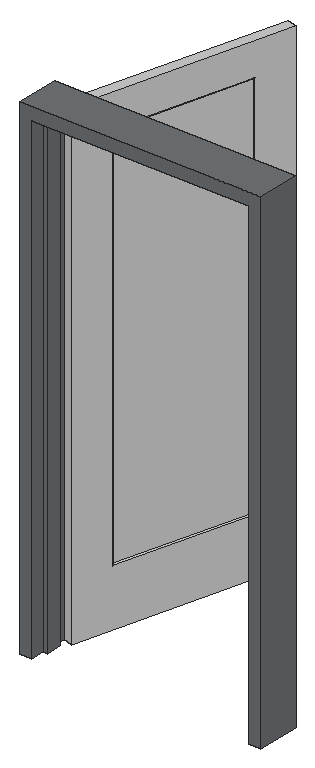
Revit family "Taylor_Entrance_1_Panel_Flat_Shaker", category Doors, host Wall, Revit 2026
Family settings
  Host = Wall
  Classification Number = 23.30.10.00
  Always vertical = Yes
  Cut with Voids When Loaded = No
  Shared = No
  Room Calculation Point = No
Parameters (values of type "36" x 84"")
  Wall depth [instance] = 0' - 6"
  URL = ""
  Thickness = 0' - 1 3/4"
  Swing Visible [instance] = Swing Angle > 1.00°  # yes
  Swing Angle [instance] = 75.00°
  Swing Actual [instance] = if(Swing Angle < 1.00°, 1.00°, Swing Angle)  # 75.00°
  Specification = "https://charrette.arcat.com/company/taylor-entrance-systems-inc-50999/spec"
  SpecWizard = ""
  Sales Information = "http://www.taylordoor.com/Content/Contact_Us.cfm"
  Rough Width = Width + 0' 4"  # 3' - 4"
  Rough Height = Height + 0' 2"  # 6' - 10"
  Product Data = ""
  Model = "1 Panel Flat (Shaker)"
  Masonry Wall [instance] = not(Gypboard Wall)  # no
  Manufacturer Website = "http://www.taylordoor.com/"
  Manufacturer Phone - Toll Free = "800-248-3600"
  Manufacturer Phone = ""
  Manufacturer Fax = "800-252-5468"
  Manufacturer Email = ""
  Manufacturer Address = "631 N. First St., West Branch, MI 48661"
  Manufacturer = "Taylor Entrance Systems"
  Installation-Fabrication = ""
  Gypboard Wall [instance] = yes
  Green Building-LEED = ""
  Function = Interior
  Height = 6' - 8"
  Wall Closure = By host
  Width = 3' - 0"
  Fire Rating = ""
  Door Panel = Door Slab - 1 Panel Shaker : Door Slab - 1 Panel Shaker
  Door Frame Finish = Material - Door - Frame
  Door Finish = Door Finish - Grey Paintable Primer
  Description = "1 panel flat (shaker) embossment option for steel doors"
  Analytic Construction = "<None>"
Types (2): name | Door Panel | Description
  36" x 84" ADA | Door Slab - 1 Panel Shaker_ADA : Door Slab - 1 Panel Shaker_ADA | "1 panel flat (shaker) ADA embossment option for steel doors"
  36" x 84" | Door Slab - 1 Panel Shaker : Door Slab - 1 Panel Shaker | "1 panel flat (shaker) embossment option for steel doors"
Reference planes (in)
  plane 1 "Center (Front/Back)": y = 0
  plane 2 "Center (Left/Right)": x = 0
  plane 3 "Left": x = -18
  plane 4 "Right": x = 18
  plane 5 "Top": z = 80
  plane 6 "Exterior": y = 3
  plane 7 "Interior": y = -3
  plane 8: x = -20
  plane 9: x = 20
  plane 10: z = 82
  plane 11: x = -17
  plane 12: x = 17
  plane 13: z = 1
  plane 14: z = 7
Forms (in)
  Sweep 1, solid, material "Material - Door - Frame" <- "Door Frame Finish", visible <- "Gypboard Wall"
    path origin (0, -3, 0) x (1, 0, 0) y (0, 0, 1)
      loop
        line (-18, 0) -> (-18, 80) -> (18, 80) -> (18, 0)
    profile origin (-18, -3, 40) x (-1, 0, 0) y (0, -1, 0)
      loop
        line (2, -6.55) -> (2, 0.55) -> (0, 0.55) -> (0, -1.75) -> (-0.75, -1.75) -> (-0.75, -4.25) -> (0, -4.25) -> (0, -6.55) -> (2, -6.55)
  Sweep 2, solid, material "Material - Door - Frame" <- "Door Frame Finish", visible <- "Masonry Wall"
    path origin (0, -3, 0) x (1, 0, 0) y (0, 0, 1)
      loop
        line (-18, 0) -> (-18, 80) -> (18, 80) -> (18, 0)
    profile origin (-18, -3, 40) x (-1, 0, 0) y (0, -1, 0)
      loop
        line (2, 0) -> (0, 0) -> (0, -1.75) -> (-0.75, -1.75) -> (-0.75, -4.625) -> (0, -4.625) -> (0, -6) -> (2, -6) -> (2, 0)
Lines and regions (in)
  Opening 1
    outline origin (-90, -3, 0) x (1, 0, 0) y (0, 0, 1)
      loop
        line (70, 0) -> (110, 0) -> (110, 82) -> (70, 82) -> (70, 0)
  symbolic lines, style "Elevation Swing"
    curve 1: line (18, 3, 0) -> (-18, 3, 40)
    curve 2: line (-18, 3, 40) -> (18, 3, 80)
  reference lines
    curve 3: line (-18, 3, 0) -> (-8.68251, 37.77333, 0)
  symbolic lines, style "DoorsFrameMullionProjection", visible <- "Gypboard Wall"
    curve 4: line (-20, -18.38231, 0) -> (-18, -18.38231, 0)
    curve 5: line (-20, -3.55, 0) -> (-20, -18.38231, 0)
    curve 6: line (-18, -3.55, 0) -> (-20, -3.55, 0)
    curve 7: line (-18, -18.38231, 0) -> (-18, -3.55, 0)
    curve 8: line (18, 3.55, 0) -> (20, 3.55, 0)
    curve 9: line (18, -3.55, 0) -> (18, 3.55, 0)
    curve 10: line (20, -3.55, 0) -> (18, -3.55, 0)
    curve 11: line (20, 3.55, 0) -> (20, -3.55, 0)
  symbolic lines, style "DoorsFrameMullionProjection", visible <- "Masonry Wall"
    curve 12: line (-20, 3, 0) -> (-18, 3, 0)
    curve 13: line (-20, -3, 0) -> (-20, 3, 0)
    curve 14: line (-18, -3, 0) -> (-20, -3, 0)
    curve 15: line (-18, 3, 0) -> (-18, -3, 0)
    curve 16: line (18, 3, 0) -> (20, 3, 0)
    curve 17: line (18, -3, 0) -> (18, 3, 0)
    curve 18: line (20, -3, 0) -> (18, -3, 0)
    curve 19: line (20, 3, 0) -> (20, -3, 0)
  symbolic lines, style "Swing"
    curve 20: arc (18, 3, 0) -> (10.56072, 24.91541, 0) -> (-8.68251, 37.77333, 0) r 36
  symbolic lines, style "DoorsFrameMullionProjection"
    curve 21: line (-18, -3, 80) -> (18, -3, 80)
    curve 22: line (-18, -3, 0) -> (-18, -3, 80)
    curve 23: line (18, -3, 80) -> (18, -3, 0)
    curve 24: line (-20, -3, 82) -> (20, -3, 82)
    curve 25: line (-20, -3, 0) -> (-20, -3, 82)
    curve 26: line (20, -3, 0) -> (-20, -3, 0)
    curve 27: line (20, -3, 82) -> (20, -3, 0)
  symbolic lines, style "Kick Plate"
    curve 28: line (-17, -3, 10) -> (17, -3, 10)
    curve 29: line (-17, -3, 1) -> (-17, -3, 10)
    curve 30: line (17, -3, 1) -> (-17, -3, 1)
    curve 31: line (17, -3, 10) -> (17, -3, 1)
Text (in)
  text "Exterior" at (-74.96733, 27.31104, 0), in view "Ref. Level"
  text "Interior" at (-74.96733, -25.14366, 0), in view "Ref. Level"
  text "Exterior" at (0, 40.15149, 123.01588), in view "Right"
  text "Interior" at (0, -64.39139, 123.01588), in view "Right"
  text "Interior" at (0, -31.01599, 123.00693), in view "Left"
  text "Exterior" at (0, 54.57065, 123.00693), in view "Left"
Dimensions and locks (in)
  equal spacing: plane 3 "Left", plane 2 "Center (Left/Right)", plane 4 "Right"
  "Height": level to plane 5 "Top"
  "Width": plane 3 "Left" to plane 4 "Right"
  equal spacing: host wall, curve 2, plane 5 "Top"
  equal spacing: plane 8, plane 2 "Center (Left/Right)", plane 9
  "Rough Width": plane 8 to plane 9
  "Width": curve 3 to curve 3
  "Thickness": Sweep 1 sketch curve to plane 6 "Exterior"
  locked: Sweep 1 sketch curve to host wall at 0.55  (x2)
  "Wall depth": host wall to host wall
  "Thickness": Sweep 2 sketch curve to Sweep 1
  "Thickness": Sweep 2 sketch curve to Sweep 2 sketch curve
  "Thickness": host wall to Sweep 1 sketch curve
  "Rough Height": plane 10 to level
  locked: plane 3 "Left" to plane 11 at 1
  locked: plane 12 to plane 4 "Right" at 1
  locked: plane 13 to level at 1
  locked: plane 14 to plane 13 at 6
  "Width": radius of curve 20
  "Swing Angle": angle plane 6 "Exterior" to curve 3
  "Swing Actual": angle curve 20 to curve 20
  aligned and locked: Opening 1 sketch curve to level
  aligned and locked: plane 4 "Right" to curve 1
  aligned and locked: plane 3 "Left" to curve 1
  aligned and locked: plane 5 "Top" to curve 2
  aligned and locked: plane 6 "Exterior" to host wall
  aligned and locked: plane 7 "Interior" to host wall
  aligned and locked: plane 6 "Exterior" to curve 3
  aligned and locked: plane 3 "Left" to curve 3
  aligned and locked: Opening 1 sketch curve to plane 8
  aligned and locked: plane 9 to Opening 1 sketch curve
  aligned and locked: Sweep 1 sketch curve to plane 3 "Left"
  aligned and locked: plane 4 "Right" to Sweep 1 sketch curve
  aligned and locked: plane 5 "Top" to Sweep 1 sketch curve
  aligned and locked: Sweep 1 sketch curve to plane 8
  aligned and locked: level to Sweep 2 sketch curve  (x2)
  aligned and locked: plane 4 "Right" to Sweep 2 sketch curve
  aligned and locked: Sweep 2 sketch curve to plane 3 "Left"  (x2)
  aligned and locked: plane 5 "Top" to Sweep 2 sketch curve
  aligned and locked: profile plane to Sweep 2 sketch curve  (x2)
  aligned and locked: plane 8 to Sweep 2 sketch curve
  aligned and locked: curve 13 to plane 8
  aligned and locked: plane 3 "Left" to curve 15
  aligned and locked: curve 12 to host wall
  aligned and locked: curve 14 to host wall
  aligned and locked: curve 18 to host wall
  aligned and locked: curve 16 to host wall
  aligned and locked: curve 19 to plane 9
  aligned and locked: curve 17 to plane 4 "Right"
  aligned and locked: curve 3 to curve 20
  aligned and locked: plane 10 to Opening 1 sketch curve
  aligned and locked: plane 5 "Top" to curve 21
  aligned and locked: plane 4 "Right" to curve 23
  aligned and locked: curve 22 to plane 3 "Left"
  aligned and locked: plane 10 to curve 24
  aligned and locked: curve 27 to plane 9
  aligned and locked: curve 25 to plane 8
  aligned and locked: level to curve 26
  aligned and locked: curve 29 to plane 11
  aligned and locked: plane 12 to curve 31
Automatic sketch dimensions
  curve 1 to level = 0' - 0"
  curve 2 to plane 4 "Right" = 0' - 0"
  Sweep 1 sketch curve to level = 0' - 0"  (x2)
  Sweep 1 sketch curve to profile plane = 0' - 0"  (x2)
  profile plane to Sweep 1 sketch curve = 0' - 0 3/4"
  profile plane to Sweep 2 sketch curve = 0' - 0 3/4"
  Sweep 2 sketch curve to Sweep 2 sketch curve = 0' - 1 3/8"
  curve 31 to plane 13 = 0' - 0"
  plane 14 to curve 31 = 0' - 3"
  curve 4 to plane 8 = 0' - 0"
  curve 7 to plane 3 "Left" = 0' - 0"
  curve 10 to plane 4 "Right" = 0' - 0"
  curve 8 to plane 9 = 0' - 0"
  host wall to curve 10 = 0' - 0.55"
  host wall to curve 7 = 0' - 0.55"
  curve 4 to curve 5 = 1' - 2.83231"
  host wall to curve 9 = 0' - 0.55"
Nested families (in)
  nested 1: "Door Slab - 1 Panel Shaker" at (-18, 3, 0) x (0.2588, 0.9659, 0) z (0, 0, 1), Door slab width <- "Width", Door slab thickness <- "Thickness", Door slab height <- "Height", type <- "Door Panel", type "Door Slab - 1 Panel Shaker"
    with Gypboard Wall yes, Door slab width 3' - 0", Door slab thickness 0' - 1 3/4", Door slab height 6' - 8"
Definition of nested family "Door Slab - 1 Panel Shaker"
  Parameters (values of type "Door Slab - 1 Panel Shaker")
    Door Finish = none
    Gypboard Wall [instance] = yes
    Door slab width [instance] = 3' - 0"
    Door slab thickness [instance] = 0' - 1 3/8"
    Door slab height [instance] = 6' - 8"
    Default Elevation = 4' - 0"
    Analytic Construction = "<None>"
  Reference planes (in)
    plane 1 "Center (Front/Back)": y = 0
    plane 2: z = 0
    plane 3 "Center (Left/Right)": x = 0
    plane 4 "Door Thickness": y = -1.375
    plane 5: x = 36
    plane 6: z = 80
    plane 7: y = -1.4375
    plane 8: y = -0.6875
    plane 9: y = -0.5625
    plane 10: y = -0.8125
    plane 11: x = 18
    plane 12: x = 29.46875
    plane 13: x = 6.53125
    plane 14: z = 74.44
    plane 15: x = 15.53125
    plane 16: x = 20.46875
    plane 17: z = 9.5
  Forms (in)
    Extrusion 1, solid, material <- "Door Finish"
      sketch origin (0, 0, 0) x (1, 0, 0) y (0, 0, 1)
        loop
          line (0, 80) -> (0, 0) -> (36, 0) -> (36, 80) -> (0, 80)
        loop
          line (6.53125, 74.44) -> (6.53125, 9.5) -> (29.46875, 9.5) -> (29.46875, 74.44) -> (6.53125, 74.44)
      from 0 to 1.375
    Extrusion 2, solid, material <- "Door Finish"
      sketch origin (40.86714, -1.375, 46) x (-1, 0, 0) y (0, 0, 1)
        loop
          line (34.09642, 28.20053) -> (11.63786, 28.20053) -> (11.63786, -36.26053) -> (34.09642, -36.26053) -> (34.09642, 28.20053)
      from 0.17998 to 1.19502
    Sweep 3, solid, material <- "Door Finish"
      path origin (-5.19536, -1.375, 66.44) x (-1, 0, 0) y (0, 0, 1)
        loop
          line (-11.72661, 8) -> (-34.66411, 8) -> (-34.66411, -56.94) -> (-11.72661, -56.94) -> (-11.72661, 8)
      profile "3_Panel_Craftsman : 3_Panel_Craftsman" origin (18, -1.375, 74.44) x (0, 0, -1) y (0, 1, 0)
        loop
          line (0.23947, 0.17998) -> (0, 0.17998) -> (0, 0) -> (0.23947, 0.17998)
    Sweep 4, solid, material <- "Door Finish"
      path origin (-5.19536, 0, 66.44) x (-1, 0, 0) y (0, 0, -1)
        loop
          line (-11.72661, -8) -> (-11.72661, 56.94) -> (-34.66411, 56.94) -> (-34.66411, -8) -> (-11.72661, -8)
      profile "3_Panel_Craftsman : 3_Panel_Craftsman" origin (18, 0, 74.44) x (0, 0, 1) y (0, -1, 0)
        loop
          line (-0.23947, 0.17998) -> (0, 0) -> (0, 0.17998) -> (-0.23947, 0.17998)
  Lines and regions (in)
    symbolic lines
      curve 1: line (0, 0, 0) -> (36, 0, 0)
      curve 2: line (0, -1.375, 0) -> (0, 0, 0)
      curve 3: line (36, -1.375, 0) -> (0, -1.375, 0)
      curve 4: line (36, 0, 0) -> (36, -1.375, 0)
  Dimensions and locks (in)
    "Door slab thickness": plane 4 "Door Thickness" to plane 1 "Center (Front/Back)"
    "Door slab width": plane 3 "Center (Left/Right)" to plane 5
    "Door slab height": plane 6 to level
    plane 4 "Door Thickness" to plane 7 = 0' - 0 1/16"
    equal spacing: plane 4 "Door Thickness", plane 8, plane 1 "Center (Front/Back)"
    equal spacing: plane 9, plane 8, plane 10
    plane 9 to plane 10 = 0' - 0 1/4"
    plane 13 to plane 12 = 1' - 10 15/16"
    plane 6 to plane 14 = 0' - 5.56"
    aligned and locked: plane 2 to level
    aligned and locked: plane 3 "Center (Left/Right)" to Extrusion 1 sketch curve
    aligned and locked: Extrusion 1 sketch curve to plane 6
    aligned and locked: plane 5 to Extrusion 1 sketch curve
    aligned and locked: level to Extrusion 1 sketch curve
    aligned and locked: Extrusion 1 to plane 4 "Door Thickness"
    aligned and locked: Extrusion 1 to plane 1 "Center (Front/Back)"
    aligned and locked: plane 3 "Center (Left/Right)" to curve 2
    aligned and locked: plane 5 to curve 4
    aligned and locked: plane 4 "Door Thickness" to curve 3
    aligned and locked: plane 1 "Center (Front/Back)" to curve 1
  Automatic sketch dimensions
    plane 13 to Extrusion 1 sketch curve = 0' - 0"
    plane 12 to Extrusion 1 sketch curve = 0' - 0"
    Extrusion 1 sketch curve to plane 14 = 0' - 0"
    plane 12 to Sweep 3 sketch curve = 0' - 0"
    plane 13 to Sweep 3 sketch curve = 0' - 0"
    Sweep 3 sketch curve to plane 14 = 0' - 0"
    plane 12 to Sweep 4 sketch curve = 0' - 0"
    plane 13 to Sweep 4 sketch curve = 0' - 0"
    Sweep 4 sketch curve to plane 14 = 0' - 0"
    Sweep 3 sketch curve to plane 14 = 5' - 4.94"
    Sweep 4 sketch curve to plane 14 = 5' - 4.94"
    Extrusion 1 sketch curve to plane 14 = 5' - 4.94"
    plane 12 to Extrusion 2 sketch curve = 0' - 0.23947"
    Extrusion 2 sketch curve to plane 13 = 0' - 0.23947"
    plane 17 to Extrusion 2 sketch curve = 0' - 0.23947"
    Extrusion 2 sketch curve to plane 14 = 0' - 0.23947"
